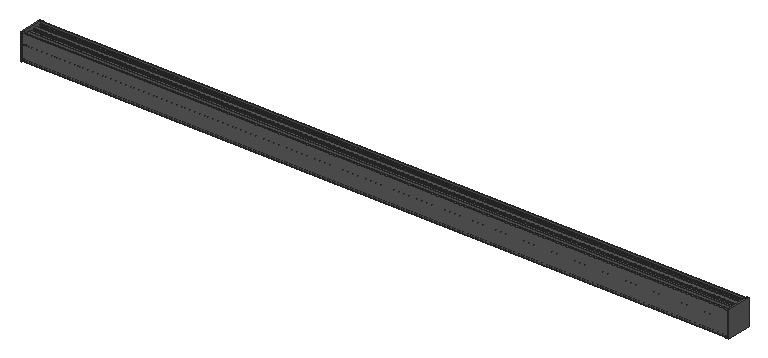
Revit family "STH20973PTO_27_30", category Luminárias, Revit 2023
Family settings
  Hospedeiro = Forro
  Cota do conector redondo = Utilizar diâmetro
  Tipo de parte = Normal
  Número OmniClass = 23.80.70.11
  Título OmniClass = Luminaries for Internal Lighting
  Sempre na vertical = Sim
  Corte com vazios quando carregada = Não
  Fonte luminosa = Sim
  Manter orientação da anotação = Não
  Compartilhado = Não
  Ponto de cálculo do ambiente = Não
Parameters (values of type "STH20973PTO/27 - PRETO - 1m - 2700K - 520lm - 90°")
  Ângulo de inclinação = 90.00°
  Ângulo de Abertura = "90°"
  Wattage = 3.50069 W
  URL = "https://stella.com.br/"
  Troca de temperatura da cor de lâmpada com esmaecimento = <Nenhum>
  Tensão Elétrica = "24V"
  built-in parameter 1150107 = 2700 (stored number, unit not read)
  Temperatura da cor (K) = 2700 K
  Referência = "STH20973PTO/27 - PRETO - 1m"
  Potência = 37 W
  built-in parameter 1150110 = 1 (stored number, unit not read)
  built-in parameter 1150109 = 1 (stored number, unit not read)
  built-in parameter 1114218 = 1 (stored number, unit not read)
  built-in parameter 1150112 = 1 (stored number, unit not read)
  built-in parameter 1150113 = 1 (stored number, unit not read)
  built-in parameter 1150132 = 2
  built-in parameter 1150137 = (empty or 0)
  Modelo = "Archi"
  Luminoso = Luminoso_Lente Preta - 2700K
  built-in parameter 1150106 = 0.4138 (stored number, unit not read)
  Largura = 0.035 m
  built-in parameter 1150102 = (empty or 0)
  built-in parameter 1150105 = 41.38 (stored number, unit not read)
  IRC (Índice de reprodução de cores) = ">93 (R9 >60)"
  Grau de proteção (IP) = "IP20"
  Fluxo Luminoso = 520 lm
  Color Filter = 16777215
  built-in parameter 1114217 = 1 (stored number, unit not read)
  built-in parameter 1150139 = (empty or 0)
  Fabricante = "Stella"
  Estrutura = Al - Preto
  Default Elevation = 0.00 m
  built-in parameter 1150104 = 13.8 (stored number, unit not read)
  Dimerização = "Não dimerizável"
  built-in parameter 1150115 = 1 (stored number, unit not read)
  built-in parameter 1150114 = 1 (stored number, unit not read)
  Lumens = 520 lm
  built-in parameter 1150138 = (empty or 0)
  built-in parameter 1150134 = (empty or 0)
  Comprimento = 1.008 m
  Arquivo de rede fotométrica = "STELLA - STH20973PTO-27 - ARCHI - PERFIL DE SOBREPOR PLANO.ies"
  Altura = 0.037 m
  built-in parameter 1150133 = 10 (stored number, unit not read)
Types (3, lengths in m): name | built-in parameter 1150107 | Temperatura da cor (K) | Referência | Luminoso
  (no name) | 2700 (stored number, unit not read) | 2700 K | "STH20973PTO/27 - PRETO - 1m" | Luminoso_Lente Preta - 2700K
  STH20973PTO/27 - PRETO - 1m - 2700K - 520lm - 90° | 2700 (stored number, unit not read) | 2700 K | "STH20973PTO/27 - PRETO - 1m" | Luminoso_Lente Preta - 2700K
  STH20973PTO/30 - PRETO - 1m - 3000K - 520lm - 90° | 3000 (stored number, unit not read) | 3000 K | "STH20973PTO/30 - PRETO - 1m" | Luminoso_Lente Preta - 3000K
Reference planes (m)
  plane 1 "Eixo de origem da luz (F/T)": y = 0
  plane 2 "Forro": z = 2.4384
  plane 3 "Eixo de origem da luz (E/D)": x = 0
  plane 4 "Elevação da origem da luz": z = 2.39798
  plane 5: y = 0.0175
  plane 6: y = -0.0175
  plane 7: x = -0.504
  plane 8: x = 0.504
  plane 9 "Inferior": z = 2.4014
  plane 10 "Superior": z = 2.4384
  plane 11 "Conector": z = 2.429644
Forms (m)
  Extrusion 1, solid, material "Al - Preto" <- "Estrutura"
    sketch origin (0, 0.1, -0.036) x (0, 1, 0) y (0, 0, 1)
      loop
        line (-0.1175, 2.4744) -> (-0.1175, 2.4374) -> (-0.0825, 2.4374) -> (-0.0825, 2.4744) -> (-0.1175, 2.4744)
    from 0.5025 to 0.504
  Extrusion 2, solid, material "Al - Preto" <- "Estrutura"
    sketch origin (0, 0.1, -0.024) x (0, 1, 0) y (0, 0, -1)
      loop
        line (-0.1175, -2.4624) -> (-0.0825, -2.4624) -> (-0.0825, -2.4254) -> (-0.1175, -2.4254) -> (-0.1175, -2.4624)
    from 0.5025 to 0.504
  Extrusion 3, solid, material "Luminoso_Lente Preta - 2700K" <- "Luminoso"
    sketch origin (0, 0.014999, 0.000101) x (0, 1, 0) y (0, 0, 1)
      loop
        line (-0.031197, 2.401299) -> (0.0012, 2.401299) -> (0.0012, 2.403415)
        arc (0.0012, 2.403415) -> (0.001376, 2.403794) -> (0.001696, 2.404063) r 0.000967
        line (0.001696, 2.404063) -> (0.001696, 2.404954) -> (0.000865, 2.406185)
        arc (0.000865, 2.406185) -> (0.000253, 2.40613) -> (-0.000108, 2.405632) r 0.000743
        line (-0.000108, 2.405632) -> (-0.000155, 2.402699) -> (-0.029843, 2.402699) -> (-0.02989, 2.405632)
        arc (-0.02989, 2.405632) -> (-0.030251, 2.40613) -> (-0.030863, 2.406185) r 0.000743
        line (-0.030863, 2.406185) -> (-0.031694, 2.404954) -> (-0.031694, 2.404063)
        arc (-0.031694, 2.404063) -> (-0.031374, 2.403794) -> (-0.031197, 2.403415) r 0.000967
        line (-0.031197, 2.403415) -> (-0.031197, 2.401299)
    from -0.5025 to 0.5025
  Extrusion 4, solid, material "Al - Preto" <- "Estrutura"
    sketch origin (0, 0.038914, 0.020842) x (0, 1, 0) y (0, 0, 1)
      loop
        line (-0.054113, 2.408802) -> (-0.023716, 2.408802) -> (-0.023716, 2.408002) -> (-0.022616, 2.408002) -> (-0.022616, 2.405956) -> (-0.023416, 2.405956)
        spline (-0.023416, 2.405956) -> (-0.023646, 2.405829) -> (-0.023693, 2.405688) -> (-0.023711, 2.405578) -> (-0.023718, 2.405466) -> (-0.023721, 2.405332) -> (-0.023721, 2.405177) -> (-0.023718, 2.405005) -> (-0.023707, 2.404829) -> (-0.02368, 2.404671) -> (-0.023624, 2.404552) -> (-0.023491, 2.40448) -> (-0.023216, 2.404456)
        line (-0.023216, 2.404456) -> (-0.023216, 2.40146)
        arc (-0.023216, 2.40146) -> (-0.024745, 2.40173) -> (-0.026129, 2.401026) r 0.00245
        arc (-0.026129, 2.401026) -> (-0.026019, 2.400371) -> (-0.025354, 2.400384) r 0.000509
        arc (-0.025354, 2.400384) -> (-0.024236, 2.400749) -> (-0.023216, 2.400165) r 0.00145
        line (-0.023216, 2.400165) -> (-0.023216, 2.398448)
        arc (-0.023216, 2.398448) -> (-0.024236, 2.397864) -> (-0.025354, 2.398229) r 0.00145
        arc (-0.025354, 2.398229) -> (-0.026019, 2.398242) -> (-0.026129, 2.397587) r 0.000509
        arc (-0.026129, 2.397587) -> (-0.024745, 2.396883) -> (-0.023216, 2.397153) r 0.00245
        line (-0.023216, 2.397153) -> (-0.023216, 2.386094)
        arc (-0.023216, 2.386094) -> (-0.023155, 2.385696) -> (-0.022977, 2.385336) r 0.00132
        line (-0.022977, 2.385336) -> (-0.022216, 2.384208) -> (-0.022216, 2.383316)
        arc (-0.022216, 2.383316) -> (-0.022541, 2.383041) -> (-0.022716, 2.382653) r 0.000967
        line (-0.022716, 2.382653) -> (-0.022716, 2.380858)
        spline (-0.022716, 2.380858) -> (-0.022694, 2.380781) -> (-0.022629, 2.380708) -> (-0.022525, 2.380646) -> (-0.022391, 2.380598) -> (-0.022234, 2.380568) -> (-0.022065, 2.380558) -> (-0.021897, 2.380568) -> (-0.02174, 2.380598) -> (-0.021605, 2.380646) -> (-0.021502, 2.380708) -> (-0.021437, 2.380781) -> (-0.021414, 2.380858)
        line (-0.021414, 2.380858) -> (-0.021414, 2.417201)
        spline (-0.021414, 2.417201) -> (-0.021445, 2.417294) -> (-0.021535, 2.41738) -> (-0.021678, 2.417454) -> (-0.021865, 2.41751) -> (-0.022082, 2.417546) -> (-0.022315, 2.417558) -> (-0.022548, 2.417546) -> (-0.022765, 2.41751) -> (-0.022952, 2.417454) -> (-0.023095, 2.41738) -> (-0.023185, 2.417294) -> (-0.023216, 2.417201)
        line (-0.023216, 2.417201) -> (-0.023216, 2.414602) -> (-0.024016, 2.414602) -> (-0.024857, 2.41376)
        arc (-0.024857, 2.41376) -> (-0.024694, 2.413365) -> (-0.024299, 2.413202) r 0.000559
        line (-0.024299, 2.413202) -> (-0.023216, 2.413202) -> (-0.023216, 2.410502) -> (-0.031915, 2.410502) -> (-0.031915, 2.414602) -> (-0.035915, 2.414602) -> (-0.035915, 2.413202) -> (-0.033715, 2.413202) -> (-0.033715, 2.410502) -> (-0.044114, 2.410502) -> (-0.044114, 2.413202) -> (-0.041914, 2.413202) -> (-0.041914, 2.414602) -> (-0.045914, 2.414602) -> (-0.045914, 2.410502) -> (-0.054613, 2.410502) -> (-0.054613, 2.413202) -> (-0.05353, 2.413202)
        arc (-0.05353, 2.413202) -> (-0.053135, 2.413365) -> (-0.052972, 2.41376) r 0.000559
        line (-0.052972, 2.41376) -> (-0.053813, 2.414602) -> (-0.054613, 2.414602) -> (-0.054613, 2.417201)
        spline (-0.054613, 2.417201) -> (-0.054644, 2.417294) -> (-0.054734, 2.41738) -> (-0.054877, 2.417454) -> (-0.055063, 2.41751) -> (-0.055281, 2.417546) -> (-0.055514, 2.417558) -> (-0.055747, 2.417546) -> (-0.055964, 2.41751) -> (-0.056151, 2.417454) -> (-0.056294, 2.41738) -> (-0.056384, 2.417294) -> (-0.056414, 2.417201)
        line (-0.056414, 2.417201) -> (-0.056414, 2.380858)
        spline (-0.056414, 2.380858) -> (-0.056392, 2.380781) -> (-0.056327, 2.380708) -> (-0.056224, 2.380646) -> (-0.056089, 2.380598) -> (-0.055932, 2.380568) -> (-0.055764, 2.380558) -> (-0.055595, 2.380568) -> (-0.055438, 2.380598) -> (-0.055303, 2.380646) -> (-0.0552, 2.380708) -> (-0.055135, 2.380781) -> (-0.055113, 2.380858)
        line (-0.055113, 2.380858) -> (-0.055113, 2.382653)
        arc (-0.055113, 2.382653) -> (-0.055288, 2.383041) -> (-0.055613, 2.383316) r 0.000967
        line (-0.055613, 2.383316) -> (-0.055613, 2.384208) -> (-0.054852, 2.385336)
        arc (-0.054852, 2.385336) -> (-0.054674, 2.385696) -> (-0.054613, 2.386094) r 0.00132
        line (-0.054613, 2.386094) -> (-0.054613, 2.397153)
        arc (-0.054613, 2.397153) -> (-0.053084, 2.396883) -> (-0.0517, 2.397587) r 0.00245
        arc (-0.0517, 2.397587) -> (-0.05181, 2.398242) -> (-0.052475, 2.398229) r 0.000509
        arc (-0.052475, 2.398229) -> (-0.053592, 2.397864) -> (-0.054613, 2.398448) r 0.00145
        line (-0.054613, 2.398448) -> (-0.054613, 2.400165)
        arc (-0.054613, 2.400165) -> (-0.053592, 2.400749) -> (-0.052475, 2.400384) r 0.00145
        arc (-0.052475, 2.400384) -> (-0.05181, 2.400371) -> (-0.0517, 2.401026) r 0.000509
        arc (-0.0517, 2.401026) -> (-0.053084, 2.40173) -> (-0.054613, 2.40146) r 0.00245
        line (-0.054613, 2.40146) -> (-0.054613, 2.404456)
        spline (-0.054613, 2.404456) -> (-0.054337, 2.40448) -> (-0.054205, 2.404552) -> (-0.054148, 2.404671) -> (-0.054122, 2.404829) -> (-0.054111, 2.405005) -> (-0.054108, 2.405177) -> (-0.054108, 2.405332) -> (-0.05411, 2.405466) -> (-0.054118, 2.405578) -> (-0.054136, 2.405688) -> (-0.054183, 2.405829) -> (-0.054413, 2.405956)
        line (-0.054413, 2.405956) -> (-0.055213, 2.405956) -> (-0.055213, 2.408002) -> (-0.054113, 2.408002) -> (-0.054113, 2.408802)
    from -0.5025 to 0.5025
Cuts and joins
  joined: Extrusion 1, Extrusion 2
Dimensions and locks (m)
  equal spacing: host sketch curve, plane 3 "Eixo de origem da luz (E/D)", host sketch curve
  equal spacing: host sketch curve, plane 1 "Eixo de origem da luz (F/T)", host sketch curve
  host sketch curve to host sketch curve = 1.018 m
  host sketch curve to host sketch curve = 0.044968 m
  "Altura": plane 10 "Superior" to plane 9 "Inferior"
  "Comprimento": plane 7 to plane 8
  "Largura": plane 5 to plane 6
  aligned and locked: plane 8 to cut or joined group of Extrusion 1, Extrusion 2
  aligned and locked: Extrusion 3 to cut or joined group of Extrusion 1, Extrusion 2  (x2)
  aligned and locked: Extrusion 4 to cut or joined group of Extrusion 1, Extrusion 2  (x2)
  aligned and locked: cut or joined group of Extrusion 1, Extrusion 2 to plane 7
  aligned and locked: host ceiling to Extrusion 1
  aligned and locked: host ceiling to Extrusion 2
  aligned and locked: plane 5 to Extrusion 2
Automatic sketch dimensions
  Extrusion 4 sketch curve to Extrusion 4 sketch curve = 0.00 m  (x21)
  Extrusion 4 sketch curve to plane 6 = 0.00 m
  Extrusion 4 sketch curve to plane 5 = 0.00 m
  plane 6 to Extrusion 4 sketch curve = 0.000354 m
  plane 6 to Extrusion 4 sketch curve = 0.000481 m
  plane 6 to Extrusion 4 sketch curve = 0.000802 m
  plane 6 to Extrusion 4 sketch curve = 0.001202 m
  Extrusion 4 sketch curve to Extrusion 4 sketch curve = 0.0005 m  (x2)
  Extrusion 4 sketch curve to Extrusion 4 sketch curve = 0.001081 m
  plane 6 to Extrusion 4 sketch curve = 0.001801 m
  Extrusion 4 sketch curve to Extrusion 4 sketch curve = 0.0006 m
  Extrusion 4 sketch curve to Extrusion 4 sketch curve = 0.0008 m  (x5)
  Extrusion 4 sketch curve to Extrusion 4 sketch curve = 0.0011 m
  Extrusion 4 sketch curve to Extrusion 4 sketch curve = 0.000283 m  (x2)
  Extrusion 4 sketch curve to Extrusion 4 sketch curve = 0.001169 m
  Extrusion 4 sketch curve to Extrusion 4 sketch curve = 0.000559 m  (x2)
  Extrusion 4 sketch curve to Extrusion 4 sketch curve = 0.00131 m  (x3)
  plane 1 "Eixo de origem da luz (F/T)" to Extrusion 4 sketch curve = 0.006999 m
  Extrusion 4 sketch curve to Extrusion 4 sketch curve = 0.0018 m  (x2)
  Extrusion 4 sketch curve to Extrusion 4 sketch curve = 0.0022 m  (x2)
  Extrusion 4 sketch curve to plane 1 "Eixo de origem da luz (F/T)" = 0.003 m
  Extrusion 4 sketch curve to plane 5 = 0.00428 m
  Extrusion 4 sketch curve to plane 5 = 0.003443 m
  Extrusion 4 sketch curve to plane 5 = 0.002301 m
  Extrusion 4 sketch curve to plane 5 = 0.002001 m
  Extrusion 4 sketch curve to Extrusion 4 sketch curve = 0.0002 m
  Extrusion 4 sketch curve to plane 5 = 0.001801 m
  Extrusion 4 sketch curve to Extrusion 4 sketch curve = 0.000239 m
  plane 9 "Inferior" to Extrusion 4 sketch curve = 0.0003 m  (x2)
  Extrusion 4 sketch curve to Extrusion 4 sketch curve = 0.001302 m
  Extrusion 4 sketch curve to plane 5 = 0.000802 m
  Extrusion 4 sketch curve to plane 5 = 0.000481 m
  Extrusion 4 sketch curve to plane 5 = 0.000354 m
  Extrusion 4 sketch curve to Extrusion 4 sketch curve = 0.001601 m  (x2)
  Extrusion 4 sketch curve to Extrusion 4 sketch curve = 0.000194 m  (x2)
  Extrusion 4 sketch curve to Extrusion 4 sketch curve = 0.000892 m  (x2)
  Extrusion 4 sketch curve to Extrusion 4 sketch curve = 0.001128 m  (x2)
  Extrusion 4 sketch curve to Extrusion 4 sketch curve = 0.01106 m  (x2)
  Extrusion 4 sketch curve to Extrusion 4 sketch curve = 0.000697 m  (x2)
  Extrusion 4 sketch curve to Extrusion 4 sketch curve = 0.001295 m  (x4)
  Extrusion 4 sketch curve to Extrusion 4 sketch curve = 0.000858 m  (x4)
  Extrusion 4 sketch curve to Extrusion 4 sketch curve = 0.001456 m  (x2)
  Extrusion 4 sketch curve to Extrusion 4 sketch curve = 0.002996 m  (x2)
  Extrusion 4 sketch curve to Extrusion 4 sketch curve = 0.0015 m  (x2)
  Extrusion 4 sketch curve to Extrusion 4 sketch curve = 0.002046 m  (x2)
  Extrusion 4 sketch curve to Extrusion 4 sketch curve = 0.0017 m
  Extrusion 4 sketch curve to Extrusion 4 sketch curve = 0.0027 m  (x4)
  Extrusion 4 sketch curve to Extrusion 4 sketch curve = 0.0014 m  (x2)
  Extrusion 4 sketch curve to Extrusion 4 sketch curve = 0.000841 m  (x2)
  Extrusion 4 sketch curve to plane 2 "Forro" = 0.000357 m  (x2)
  Extrusion 4 sketch curve to Extrusion 4 sketch curve = 0.000435 m  (x2)
  Extrusion 3 sketch curve to plane 9 "Inferior" = 0.00 m
  plane 6 to Extrusion 3 sketch curve = 0.000357 m
  plane 6 to Extrusion 3 sketch curve = 0.000805 m
  Extrusion 3 sketch curve to Extrusion 3 sketch curve = 0.000497 m
  Extrusion 3 sketch curve to Extrusion 3 sketch curve = 0.000831 m
  Extrusion 3 sketch curve to Extrusion 3 sketch curve = 0.000245 m  (x2)
  Extrusion 3 sketch curve to Extrusion 3 sketch curve = 0.000728 m  (x2)
  Extrusion 3 sketch curve to Extrusion 3 sketch curve = 0.001354 m
  Extrusion 3 sketch curve to plane 5 = 0.002656 m
  Extrusion 3 sketch curve to plane 5 = 0.002609 m
  Extrusion 3 sketch curve to plane 5 = 0.001302 m
  Extrusion 3 sketch curve to plane 5 = 0.000805 m
  Extrusion 3 sketch curve to plane 5 = 0.000357 m
  plane 9 "Inferior" to Extrusion 3 sketch curve = 0.0014 m
  plane 9 "Inferior" to Extrusion 3 sketch curve = 0.001906 m  (x2)
  Extrusion 3 sketch curve to Extrusion 3 sketch curve = 0.00021 m  (x2)
  Extrusion 3 sketch curve to Extrusion 3 sketch curve = 0.000892 m  (x2)
  Extrusion 3 sketch curve to Extrusion 3 sketch curve = 0.00053 m  (x2)
  Extrusion 3 sketch curve to Extrusion 3 sketch curve = 0.000148 m  (x2)
  Extrusion 2 sketch curve to plane 9 "Inferior" = 0.00 m
  plane 6 to Extrusion 2 sketch curve = 0.00 m
  plane 5 to Extrusion 2 sketch curve = 0.00 m
  plane 2 "Forro" to Extrusion 2 sketch curve = 0.00 m
  Extrusion 1 sketch curve to plane 6 = 0.00 m
  Extrusion 1 sketch curve to plane 5 = 0.00 m
  Extrusion 1 sketch curve to plane 9 "Inferior" = 0.00 m
  plane 2 "Forro" to Extrusion 1 sketch curve = 0.00 m
Connectors (m)
  electrical at (0, 0, 2.429644)
    settings: index 1, voltage 0 V, apparent load 0 VA, apparent load phase1 0 VA, apparent load phase2 0 VA, apparent load phase3 0 VA, power factor 1, load classification "Outro", number of poles 1, system type 31, power factor state 1, is connector primary yes, connector utility no, sub classification motor no, connector description ""
